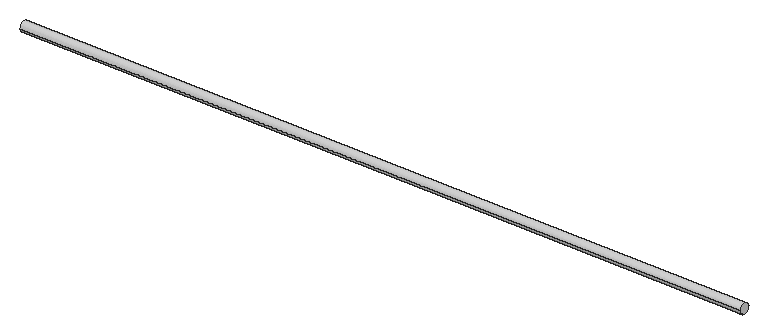
Revit family "TUBE 48-3,6_2125648", category Generic Models, Revit 2018
Family settings
  Can host rebar = No
  Round Connector Dimension = Use Diameter
  Part Type = Normal
  OmniClass Number = 35.51.17.00
  OmniClass Title = SCAFFOLDING SHORING AND FENCING
  Work Plane-Based = Yes
  Always vertical = No
  Cut with Voids When Loaded = No
  Shared = Yes
  Room Calculation Point = No
Parameters
  VERSION = "20190101"  # constant formula
  URL = "www.ulmaconstruction.com/en"
  UNICLASS = ""
  Model = ""
  ITEM_CODE = "2125648"
  Manufacturer = "ULMA CONSTRUCTION"  # constant formula
  FILTER [instance] = ""
  Default Elevation = 0 mm
  CLASSIFICATION_TITLE = ""
  CLASSIFICATION_NUMBER = ""
Reference planes
  plane 1 "Centro (Frontal/Posterior)": y = 0
  plane 2: z = 0
  plane 3 "Centro (Izquierda/Derecha)": x = 0
  plane 4 "ITEM_LENGTH": x = 3600
Forms (mm)
  Extrusion 1, solid, material "ULMA ZINC", detail levels fine
    sketch origin (0, 0, 0) x (0, 1, 0) y (0, 0, 1)
      loop
        circle (0, 0) r 24.15
    from 0 to 3600
Lines and regions (mm)
  model lines, style "ULMA FIXING ITEMS", detail levels fine
    curve 1: circle (0, 0, 0) r 21 normal (1, 0, 0)
    curve 3: circle (3600, 0, 0) r 21 normal (1, 0, 0)
  model lines, style "ULMA FIXING ITEMS", detail levels coarse+medium
    curve 2: line (0, 0, 0) -> (3600, 0, 0)
Dimensions and locks
  locked: plane 3 "Centro (Izquierda/Derecha)" to plane 4 "ITEM_LENGTH" at 3600
  aligned and locked: level to plane 2
  aligned and locked: Extrusion 1 to plane 3 "Centro (Izquierda/Derecha)"
  aligned and locked: plane 4 "ITEM_LENGTH" to Extrusion 1
  aligned and locked: plane 4 "ITEM_LENGTH" to curve 2
